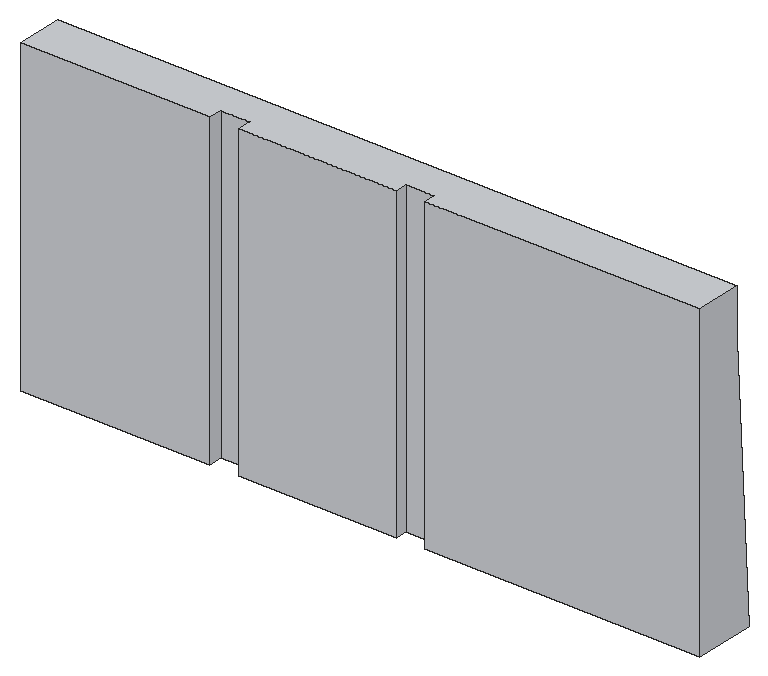
Revit family "闸墩 - 边墩", category 结构柱, Revit 2019
Family settings
  横断面形状 = 未定义
  用于模型行为的材质 = 其他
  始终导出为几何图形 = 否
  平面中的梁缩进 = 从边界框
  OmniClass 编号 = 23.25.30.11.14.11
  OmniClass 标题 = Columns
  加载时剪切的空心 = 否
  符号表示法 = 从族
  共享 = 否
  在平面视图中显示族的预剪切 = 是
Parameters (values of type "边墩 - C25")
  高 [instance] = 6620 mm
  边墩顶宽 = 1000 mm
  槽2深 = 250 mm
  槽2宽 = 600 mm
  槽2位置 = 8000 mm
  槽1深 = 300 mm
  槽1宽 = 620 mm
  槽1位置 = 4030 mm
  斜墙高 = 5620 mm
  边墩底宽 = 1300 mm
  边墩长度 [instance] = 14440 mm
  型号 = "LOCK_CHAMBER_PIER_SIDE"
Reference planes
  plane 1 "中心(前/后)": y = 0
  plane 2: z = 0
  plane 3 "中心(左/右)": x = 0
  plane 4 "左": x = -7220
  plane 5 "右": x = 7220
  plane 6 "后": y = 650
  plane 7 "前": y = -650
  plane 8: z = 5620
  plane 9: y = 350
  plane 10: x = -3190
  plane 11: x = 780
  plane 12: x = -2570
  plane 13: x = 1380
  plane 14: y = -350
  plane 15: y = -400
Forms (mm)
  Extrusion 1, solid
    sketch origin (-7220, 0, 0) x (0, -1, 0) y (0, 0, 1)
      loop
        line (-650, 0) -> (650, 0) -> (650, 6620) -> (-350, 6620) -> (-350, 5620) -> (-650, 0)
    from -14440 to 0
  Extrusion 2, void
    sketch origin (0, 0, 0) x (1, 0, 0) y (0, 1, 0)
      loop
        line (-3190, -350) -> (-3190, -650) -> (-2570, -650) -> (-2570, -350) -> (-3190, -350)
      loop
        line (780, -400) -> (780, -650) -> (1380, -650) -> (1380, -400) -> (780, -400)
    from 0 to 6620
Cuts and joins
  Extrusion 2 cuts Extrusion 1
Dimensions and locks
  "边墩长度": plane 4 "左" to plane 5 "右"
  "边墩底宽": plane 7 "前" to plane 6 "后"
  equal spacing: plane 4 "左", plane 3 "中心(左/右)", plane 5 "右"
  equal spacing: plane 7 "前", plane 1 "中心(前/后)", plane 6 "后"
  plane 8 to level = 5620 mm
  "边墩顶宽": plane 7 "前" to plane 9
  "斜墙高": plane 8 to level
  "槽1位置": plane 4 "左" to plane 10
  "槽2位置": plane 4 "左" to plane 11
  "槽1宽": plane 10 to plane 12
  "槽2宽": plane 11 to plane 13
  "槽1深": plane 7 "前" to plane 14
  "槽2深": plane 7 "前" to plane 15
  "高": level to level
  aligned and locked: level to plane 2
  aligned and locked: Extrusion 1 to plane 6 "后"
  aligned and locked: plane 7 "前" to Extrusion 1
  aligned and locked: Extrusion 1 to plane 5 "右"
  aligned and locked: plane 4 "左" to Extrusion 1
  aligned and locked: Extrusion 1 to level
  aligned and locked: level to Extrusion 1
  aligned and locked: plane 9 to Extrusion 1
  aligned and locked: Extrusion 2 sketch curve to plane 14
  aligned and locked: plane 10 to Extrusion 2 sketch curve
  aligned and locked: Extrusion 2 sketch curve to plane 7 "前"  (x2)
  aligned and locked: Extrusion 2 sketch curve to plane 12
  aligned and locked: Extrusion 2 sketch curve to plane 15
  aligned and locked: plane 11 to Extrusion 2 sketch curve
  aligned and locked: Extrusion 2 sketch curve to plane 13
  aligned and locked: level to cut or joined group of Extrusion 1, Extrusion 2
Automatic sketch dimensions
  Extrusion 1 sketch curve to level = 0 mm
  Extrusion 1 sketch curve to plane 6 "后" = 0 mm
  level to Extrusion 1 sketch curve = 0 mm
  Extrusion 1 sketch curve to plane 9 = 0 mm
  Extrusion 1 sketch curve to plane 7 "前" = 0 mm
  Extrusion 1 sketch curve to plane 8 = 0 mm
